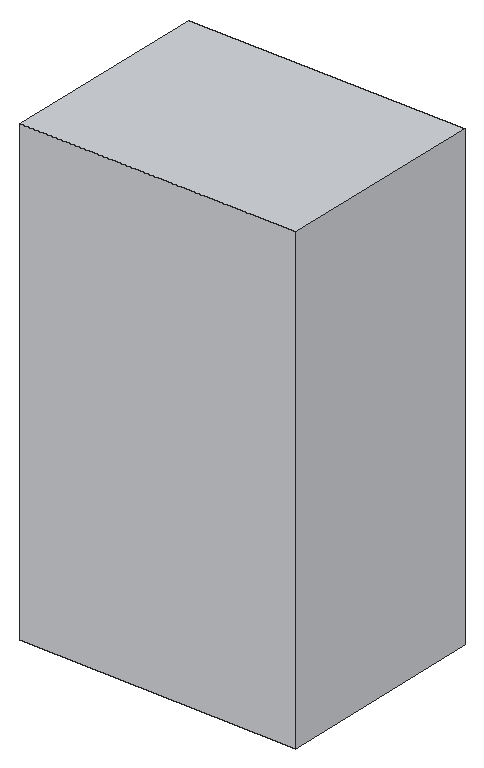
Revit family
Parameters
  Warranty Duration (Years) = 0
  Unit Width [instance] = 1' - 8 177/256"
  Unit Height [instance] = 0' - 9 99/256"
  Unit Depth = 0' - 0"
  URL = "http://www.americanspecialties.com/viewCategories.cfm"
  Trim Material = Metal - Stainless Steel
  Test Data = ""
  Specification = "http://www.arcat.com/sdspecs/htm/10810asi.htm"
  SpecWizard = ""
  Send Message = "http://www.arcat.com/users.pl?action=UserEmail&company=American%20Specialties,%20Inc.&coid=30448&rep=139&fax=914-476-0688&mf="
  Sales Information = "http://www.americanspecialties.com/contact"
  Revision = "R1_10-2010"
  Product Properties = "http://www.americanspecialties.com/datasheets/0002-ASM.pdf"
  Product Data = "http://www.arcat.com/arcatcos/cos30/arc30448.html"
  Model = "As Specified in 10 28 13"
  Manufacturer Website = "http://www.americanspecialties.com/viewCategories.cfm"
  Manufacturer Phone - Toll Free = ""
  Manufacturer Phone = "914-476-9000 "
  Manufacturer Fax = "914-476-0688"
  Manufacturer Address = "441 Saw Mill River Rd., Yonkers, NY 10701"
  Manufacturer = "American Specialties, Inc."
  Maintenance Schedule (Months) = 0
  Keynote = "10 28 13"
  Installation-Fabrication = "http://www.americanspecialties.com/products.cfm"
  Green Building-LEED = ""
  Expected Lifespan (Years) = 0
  Drawn By = "Robert S. Weygant. CSI, CDT, SCIP"  # constant formula
  Description = "Toilet Accessory as Specified in 10 28 13"
  Default Elevation = 4' - 0"
  Copyright = "©Arcat Inc."
  Construction Details = "http://www.arcat.com/green/clients/leed_data_30448.html"
  Building Codes = "http://www.americanspecialties.com/products.cfm"
  Body Material = Metal - Stainless Steel
  Assembly Code = "C1030210"
Reference planes (in)
  plane 1 "Center (Front/Back)": y = -0.29112
  plane 2 "Floor Line": z = 0
  plane 3 "Center (Left/Right)": x = -0.65843
  plane 4: z = 52.69336
  plane 5: x = -11.00414
  plane 6: x = 9.68727
  plane 7: z = 48
  plane 8: z = 57.38672
Forms (in)
  Extrusion 1, solid
    sketch origin (-3, -9, -6) x (0, 0, -1) y (1, 0, 0)
      loop
        line (-82, 26) -> (-82, -19.34712) -> (-6, -19.34712) -> (-6, 26) -> (-82, 26)
    from 9 to -25.60721
  Extrusion 2, solid, material "Metal - Stainless Steel" <- "Body Material"
    sketch origin (-0.36732, -0.54112, -0.84939) x (1, 0, 0) y (0, 0, 1)
      loop
        line (-1.85362, 3.97439) -> (-1.85362, 0.84939) -> (1.27138, 0.84939) -> (1.27138, 3.97439) -> (-1.85362, 3.97439)
    from -7.25 to 6.75
  Extrusion 3, void
    sketch origin (-0.36732, -0.94955, -0.84939) x (0, -1, 0) y (1, 0, 0)
      loop
        arc (2.98242, -0.22752) -> (2.91883, -0.29112) -> (2.98242, -0.35471) r 0.06359
        line (2.98242, -0.35471) -> (3.70022, -0.35471)
        arc (3.70022, -0.35471) -> (3.76381, -0.29112) -> (3.70022, -0.22752) r 0.06359
        line (3.70022, -0.22752) -> (2.98242, -0.22752)
    from 3.91816 to 3.97439
  Blend 4, solid, material "Metal - Stainless Steel" <- "Trim Material"
    base sketch origin (-0.36732, 2.32271, -0.01123) x (1, 0, 0) y (0, 0, 1)
      loop
        circle (-0.29112, 1.56877) r 1.25
    top sketch origin (-0.36732, 2.32271, -0.01123) x (1, 0, 0) y (0, 0, 1)
      loop
        circle (-0.29112, 1.56877) r 1
    from 9.18748 to 11.3269
  Extrusion 5, void
    sketch origin (0, -0.29112, 0) x (1, 0, 0) y (0, 0, 1)
      loop
        line (-2.09593, 3) -> (-2.09593, 0.125) -> (0.77907, 0.125) -> (0.77907, 3) -> (-2.09593, 3)
    from -6.89813 to 7
Cuts and joins
  Extrusion 3, Extrusion 5 cuts Extrusion 2
Dimensions and locks (in)
  equal spacing: plane 8, plane 4, plane 7
  equal spacing: plane 6, plane 3 "Center (Left/Right)", plane 5
  "Unit Width": plane 6 to plane 5
  "Unit Height": plane 8 to plane 7
  "Default Elevation": plane 7 to plane 2 "Floor Line"
  aligned and locked: Extrusion 1 to level
  aligned and locked: Extrusion 2 to Extrusion 3
  aligned and locked: Extrusion 2 to Extrusion 5
Automatic sketch dimensions
  Extrusion 1 sketch curve to Extrusion 1 sketch curve = 6' - 4"
  Extrusion 1 sketch curve to Extrusion 1 sketch curve = 3' - 9.34712"
  Blend 4 sketch curve to plane 3 "Center (Left/Right)" = 0' - 0"  (x2)
  level to Blend 4 sketch curve = 0' - 1.55755"  (x2)
  Extrusion 2 sketch curve to plane 3 "Center (Left/Right)" = 0' - 1 9/16"
  Extrusion 2 sketch curve to plane 6 = 0' - 8.7832"
  level to Extrusion 2 sketch curve = 0' - 0"
  Extrusion 2 sketch curve to Extrusion 2 sketch curve = 0' - 3 1/8"
  Extrusion 3 sketch curve to plane 3 "Center (Left/Right)" = 0' - 0"
  plane 1 "Center (Front/Back)" to Extrusion 3 sketch curve = 0' - 3.64086"
  Extrusion 3 sketch curve to plane 3 "Center (Left/Right)" = 0' - 0.06359"
  Extrusion 3 sketch curve to Extrusion 3 sketch curve = 0' - 0.7178"
  level to Extrusion 5 sketch curve = 0' - 0 1/8"
  Extrusion 5 sketch curve to plane 3 "Center (Left/Right)" = 0' - 1 7/16"
  plane 3 "Center (Left/Right)" to Extrusion 5 sketch curve = 0' - 1 7/16"
  Extrusion 5 sketch curve to Extrusion 5 sketch curve = 0' - 2 7/8"
  radius of Blend 4 sketch curve = 0' - 1 1/4"
  radius of Blend 4 sketch curve = 0' - 1"
